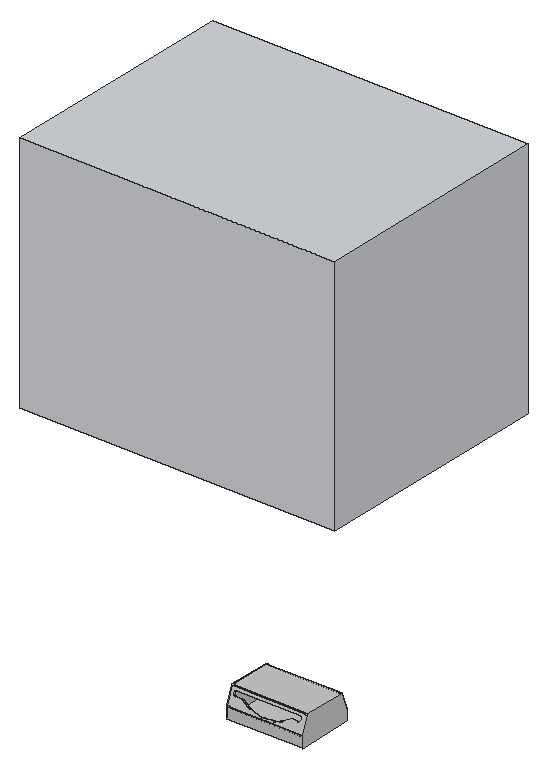
Revit family
Parameters
  Trim Material = Metal - Stainless Steel
  Body Material = Metal - Stainless Steel
  Warranty Duration (Years) = 0
  URL = "http://www.americanspecialties.com/viewCategories.cfm"
  Test Data = ""
  Specification = "http://www.arcat.com/sdspecs/htm/10810asi.htm"
  SpecWizard = ""
  Send Message = "http://www.arcat.com/users.pl?action=UserEmail&company=American%20Specialties,%20Inc.&coid=30448&rep=139&fax=914-476-0688&mf="
  Sales Information = "http://www.americanspecialties.com/contact"
  Revision = "R1_10-2010"
  Product Properties = "http://www.americanspecialties.com/datasheets/0215.pdf"
  Product Data = "http://www.arcat.com/arcatcos/cos30/arc30448.html"
  Model = "As Specified in 10 28 13"
  Manufacturer Website = "http://www.americanspecialties.com/viewCategories.cfm"
  Manufacturer Phone - Toll Free = ""
  Manufacturer Phone = "914-476-9000 "
  Manufacturer Fax = "914-476-0688"
  Manufacturer Address = "441 Saw Mill River Rd., Yonkers, NY 10701"
  Manufacturer = "American Specialties, Inc."
  Maintenance Schedule (Months) = 0
  Keynote = "10 28 13"
  Installation-Fabrication = "http://www.americanspecialties.com/products.cfm"
  Green Building-LEED = ""
  Expected Lifespan (Years) = 0
  Drawn By = "Robert S. Weygant. CSI, CDT, SCIP"  # constant formula
  Description = "Toilet Accessory as Specified in 10 28 13"
  Default Elevation = 4' - 0"
  Copyright = "©Arcat Inc."
  Construction Details = "http://www.arcat.com/green/clients/leed_data_30448.html"
  Building Codes = "http://www.americanspecialties.com/products.cfm"
  Assembly Code = "C1030210"
Reference planes (in)
  plane 1 "Center (Front/Back)": y = -0.29112
  plane 2 "Floor Line": z = 0
  plane 3 "Center (Left/Right)": x = -0.65843
  plane 4: x = -6.15843
  plane 5: x = 4.84157
  plane 6: through (0, -3.56631, 3.49532) normal (0, 0.9363, -0.3511)
  plane 7: y = 3.70888
  plane 8: y = -4.29112
  plane 9: z = 4
Forms (in)
  Extrusion 1, solid
    sketch origin (-3.65843, -11.33735, -6) x (0, 0, -1) y (1, 0, 0)
      loop
        line (-82, 26) -> (-82, -19.34712) -> (-47.21756, -19.34712) -> (-47.21756, 26) -> (-82, 26)
    from 9 to -25.60721
  Extrusion 2, solid, material "Metal - Stainless Steel" <- "Body Material"
    sketch origin (-0.65843, 0, 0) x (0, 1, 0) y (0, 0, 1)
      loop
        line (3.70888, 0) -> (3.70888, 1.53983)
        arc (3.70888, 1.53983) -> (3.70688, 1.56214) -> (3.70092, 1.58372) r 0.125
        line (3.70092, 1.58372) -> (2.81003, 3.95945)
        arc (2.81003, 3.95945) -> (2.78711, 3.98887) -> (2.75151, 4) r 0.0625
        line (2.75151, 4) -> (-3.33374, 4)
        arc (-3.33374, 4) -> (-3.36934, 3.98887) -> (-3.39226, 3.95945) r 0.0625
        line (-3.39226, 3.95945) -> (-4.28316, 1.58372)
        arc (-4.28316, 1.58372) -> (-4.28911, 1.56214) -> (-4.29112, 1.53983) r 0.125
        line (-4.29112, 1.53983) -> (-4.29112, 0) -> (3.70888, 0)
      loop
        line (3.64638, 1.55117) -> (2.75151, 3.9375) -> (-3.33374, 3.9375) -> (-4.22862, 1.55117) -> (-4.22862, 0.0625) -> (3.64638, 0.0625) -> (3.64638, 1.55117)
    from -5.5 to 5.5
  Extrusion 3, void
    sketch origin (0, -3.56631, 3.49532) x (0, 0.351123, 0.936329) y (-1, 0, 0)
      loop
        arc (0.11588, 5.15843) -> (-0.25912, 5.53343) -> (-0.63412, 5.15843) r 0.375
        line (-0.63412, 5.15843) -> (-0.63412, 4.15843)
        arc (-0.63412, 4.15843) -> (-1.80408, 0.65843) -> (-0.63412, -2.84157) r 5.8202
        line (-0.63412, -2.84157) -> (-0.63412, -3.84157)
        arc (-0.63412, -3.84157) -> (-0.25912, -4.21657) -> (0.11588, -3.84157) r 0.375
        line (0.11588, -3.84157) -> (0.11588, 5.15843)
    from -0.87354 to 0.76823
  Extrusion 4, solid, material "Metal - Stainless Steel" <- "Body Material"
    sketch origin (-6.15843, 0, 0) x (0, 1, 0) y (0, 0, 1)
      loop
        line (3.70888, 0) -> (3.70888, 1.53983)
        arc (3.70888, 1.53983) -> (3.70688, 1.56214) -> (3.70092, 1.58372) r 0.125
        line (3.70092, 1.58372) -> (2.81003, 3.95945)
        arc (2.81003, 3.95945) -> (2.78711, 3.98887) -> (2.75151, 4) r 0.0625
        line (2.75151, 4) -> (-3.33374, 4)
        arc (-3.33374, 4) -> (-3.36934, 3.98887) -> (-3.39226, 3.95945) r 0.0625
        line (-3.39226, 3.95945) -> (-4.28316, 1.58372)
        arc (-4.28316, 1.58372) -> (-4.28911, 1.56214) -> (-4.29112, 1.53983) r 0.125
        line (-4.29112, 1.53983) -> (-4.29112, 0) -> (3.70888, 0)
    from 0 to 0.0625
  Extrusion 5, void
    sketch origin (0, 0, 0) x (1, 0, 0) y (0, 1, 0)
      loop
        arc (-5.47093, -2.12301) -> (-5.34593, -2.58951) -> (-5.22093, -2.12301) r 0.25
        line (-5.22093, -2.12301) -> (-5.22093, -1.79112)
        arc (-5.22093, -1.79112) -> (-5.34593, -1.66612) -> (-5.47093, -1.79112) r 0.125
        line (-5.47093, -1.79112) -> (-5.47093, -2.12301)
      loop
        arc (-5.47093, 2.12699) -> (-5.34593, 1.66049) -> (-5.22093, 2.12699) r 0.25
        line (-5.22093, 2.12699) -> (-5.22093, 2.45888)
        arc (-5.22093, 2.45888) -> (-5.34593, 2.58388) -> (-5.47093, 2.45888) r 0.125
        line (-5.47093, 2.45888) -> (-5.47093, 2.12699)
      loop
        line (4.15407, -2.12301) -> (4.15407, -1.79112)
        arc (4.15407, -1.79112) -> (4.02907, -1.66612) -> (3.90407, -1.79112) r 0.125
        line (3.90407, -1.79112) -> (3.90407, -2.12301)
        arc (3.90407, -2.12301) -> (4.02907, -2.58951) -> (4.15407, -2.12301) r 0.25
      loop
        line (4.15407, 2.12699) -> (4.15407, 2.45888)
        arc (4.15407, 2.45888) -> (4.02907, 2.58388) -> (3.90407, 2.45888) r 0.125
        line (3.90407, 2.45888) -> (3.90407, 2.12699)
        arc (3.90407, 2.12699) -> (4.02907, 1.66049) -> (4.15407, 2.12699) r 0.25
    from 0 to 0.0625
  Extrusion 6, void
    sketch origin (-0.65843, 3.39604, 0.67778) x (0, 1, 0) y (0, 0, 1)
      loop
        line (-5.32503, 1.97591) -> (-6.17979, 1.97591)
        arc (-6.17979, 1.97591) -> (-6.25241, 1.90329) -> (-6.17979, 1.83068) r 0.07262
        line (-6.17979, 1.83068) -> (-5.32503, 1.83068)
        arc (-5.32503, 1.83068) -> (-5.25241, 1.90329) -> (-5.32503, 1.97591) r 0.07262
    from 5.4375 to 5.5
  Extrusion 7, solid, material "Metal - Stainless Steel" <- "Body Material"
    sketch origin (4.84157, 0, 0) x (0, 1, 0) y (0, 0, -1)
      loop
        line (3.70888, 0) -> (-4.29112, 0) -> (-4.29112, -1.53983)
        arc (-4.29112, -1.53983) -> (-4.28911, -1.56214) -> (-4.28316, -1.58372) r 0.125
        line (-4.28316, -1.58372) -> (-3.39226, -3.95945)
        arc (-3.39226, -3.95945) -> (-3.36934, -3.98887) -> (-3.33374, -4) r 0.0625
        line (-3.33374, -4) -> (2.75151, -4)
        arc (2.75151, -4) -> (2.78711, -3.98887) -> (2.81003, -3.95945) r 0.0625
        line (2.81003, -3.95945) -> (3.70092, -1.58372)
        arc (3.70092, -1.58372) -> (3.70688, -1.56214) -> (3.70888, -1.53983) r 0.125
        line (3.70888, -1.53983) -> (3.70888, 0)
    from 0 to 0.0625
  Revolve 8, solid, material "Metal - Stainless Steel" <- "Body Material"
    sketch origin (0, 0, 0.76992) x (1, 0, 0) y (0, 1, 0)
      loop
        line (-0.65843, 3.70888) -> (-0.65843, 3.83388) -> (-0.88119, 3.83388)
        arc (-0.88119, 3.83388) -> (-0.90046, 3.8259) -> (-0.90843, 3.80664) r 0.02724
        line (-0.90843, 3.80664) -> (-0.90843, 3.70888) -> (-0.65843, 3.70888)
      axis (-0.65843, 3.70888) -> (-0.65843, 3.83388)
    angle from 0 to 360
Cuts and joins
  Extrusion 3, Extrusion 5, Extrusion 6 cuts Extrusion 2
  Extrusion 5, Extrusion 6 cuts Extrusion 4
  Extrusion 6 cuts Extrusion 7
  joined: Extrusion 2, Extrusion 4, Extrusion 7
Dimensions and locks (in)
  aligned and locked: Extrusion 2 to plane 4
  aligned and locked: plane 5 to Extrusion 2
  aligned and locked: cut or joined group of Extrusion 2, Extrusion 3, Extrusion 4, Extrusion 5, Extrusion 6, Extrusion 7 to Extrusion 4 sketch curve
  aligned and locked: plane 4 to Extrusion 4
  aligned and locked: Extrusion 2 to Extrusion 5
  aligned and locked: Extrusion 5 to level
  aligned and locked: plane 5 to Extrusion 6
  aligned and locked: Extrusion 4 sketch curve to cut or joined group of Extrusion 2, Extrusion 3, Extrusion 4, Extrusion 5, Extrusion 6, Extrusion 7  (x3)
  aligned and locked: cut or joined group of Extrusion 2, Extrusion 3, Extrusion 4, Extrusion 5, Extrusion 6, Extrusion 7 to plane 6
  aligned and locked: Revolve 8 sketch curve to Revolve 8 sketch curve
